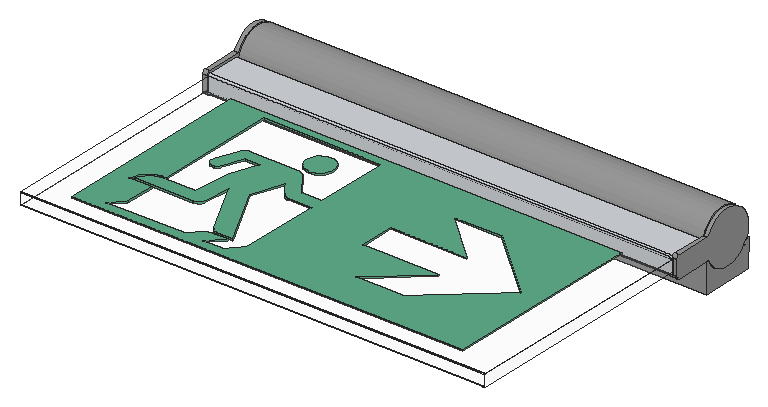
Revit family "0041747 Sylvania Lighting Fixture SylSafe Exit EX C EM3 MT MS", category Lighting Fixtures, host Face, Revit 2016
Family settings
  Host = Face
  Part Type = Normal
  Round Connector Dimension = Use Diameter
  OmniClass Number = 23.80.70.00
  OmniClass Title = Lighting
  Cut with Voids When Loaded = No
  Light Source = No
  Shared = No
  Room Calculation Point = No
Parameters (values of type "0041747 SylSafe Exit EX C EM3 MT MS Right")
  Width_SYL = 34 mm
  Weight = "0.0 kg"
  Wattage Comments = ""
  WarrantyStartDate [instance] = "n/a"
  WarrantyGuarantorParts = "n/a"
  WarrantyDurationUnit = "n/a"
  WarrantyDurationParts = "n/a"
  WarrantyDescription = "n/a"
  Voltage = 0 V
  URL = "http://www.sylvania-lighting.com"
  TypeSign_SYL = SylSafe EXIT Sign : Exit Arrow Right
  TypeName = "0041747 SylSafe Exit EX C EM3 MT MS Right"
  Type Image = <None>
  Type Comments = "n/a"
  SerialNumber [instance] = "n/a"
  RotationAngle_SYL [instance] = -90.00°
  RotatableArmThickness_SYL = 3 mm
  RadiusBody_SYL = Width_SYL / 2  # 17 mm
  Material_3_SYL = none
  PowerFactor = 0.6
  PowerConsumption = "2.2 W"
  NominalLength = 308 mm
  NominalHeight = 234 mm
  NominalDepth = 18 mm
  Name = "SylSafe Exit EX C EM3 MT MS Right"
  ModelReference = Name  # "SylSafe Exit EX C EM3 MT MS Right"
  ModelNumber = "0041747"
  Model = Name  # "SylSafe Exit EX C EM3 MT MS Right"
  Material = "n/a"
  ManufacturerName = "Feilo Sylvania"
  Manufacturer = "Feilo Sylvania"
  LuminousEfficacy = "n/a"
  LuminaireType = ""
  LightOutputRatio = "n/a"
  Length_SYL = 308 mm
  LampsType = Lamp  # "LED"
  LampNominalLuminous = "n/a"
  LampMacAdamStep = "n/a"
  LampColourTemperature = "5700 K"
  LampColourRenderingIndex = "80"
  Lamp = "LED"
  Keynote = "16500"
  InstallationDate [instance] = "n/a"
  InputVoltage = "n/a"
  InputNominalFrequency = "n/a"
  IngressProtection = "IP20"
  ImpactProtectionIndex = "IK03"
  IfcExportType = "IfcLightFixtureType"
  IfcExportAs = "IfcLightFixtureType"
  ExpectedLife = 50000
  EndAngle_SYL [instance] = RotationAngle_SYL + 180.00°  # 90.00°
  ElectricShockClassification = "Class II"
  DurationUnit = "hours"
  DocumentationLiterature = "http://www.sylvania-lighting.com/product/en-int/products/0041747"
  DimmingControlOptions = "n/a"
  Material_2_SYL = none
  Description = "SylSafe Exit EX C EM3 MT MS is a surface mounted emergency exit sign. Rotateable legend for wall / ceiling mounting applications. Comes with ISO7010 compliant legend pack. Arrows left, right, up, down and a blank sheet for single sided versions. EC legend pack is available as accessory. Viewing distance 26m. White housing colour.  Maintained 3hr emergency operation with NiMH rechargeable battery. Recharge period 24 hours. 2.2W, IK03, IP20. Power Factor 0.6. Class II electrical construction."
  Default Elevation = 1219.2 mm
  CreatedOn = "9/13/2018"
  CreatedBy = "@sylvania-lighting.com"
  Cost = 0
  built-in parameter 1114216 [instance] = (empty or 0)
  ClassificationValue = "EF_70_80"
  ClassificationName = "Uniclass2015"
  Material_1_SYL = PC/ABS Plastic
  BarCode [instance] = "n/a"
  AssetType = "Fixed"
  AssetIdentifier [instance] = "n/a"
  Assembly Code = "D5020200"
  Apparent Load = 2.2 VA
  Material_4_SYL = none
Types (4, lengths in mm): name | TypeSign_SYL | TypeName | Name | ModelReference | Model
  0041747 SylSafe Exit EX C EM3 MT MS Right | SylSafe EXIT Sign : Exit Arrow Right | "0041747 SylSafe Exit EX C EM3 MT MS Right" | "SylSafe Exit EX C EM3 MT MS Right" | "SylSafe Exit EX C EM3 MT MS Right" | "SylSafe Exit EX C EM3 MT MS Right"
  0041747 SylSafe Exit EX C EM3 MT MS Left | SylSafe EXIT Sign : Exit Arrow Left | "0041747 SylSafe Exit EX C EM3 MT MS Left" | "SylSafe Exit EX C EM3 MT MS Left" | "SylSafe Exit EX C EM3 MT MS Left" | "SylSafe Exit EX C EM3 MT MS Left"
  0041747 SylSafe Exit EX C EM3 MT MS Down | SylSafe EXIT Sign : Exit Arrow Down | "0041747 SylSafe Exit EX C EM3 MT MS Down" | "SylSafe Exit EX C EM3 MT MS Down" | "SylSafe Exit EX C EM3 MT MS Down" | "SylSafe Exit EX C EM3 MT MS Down"
  0041747 SylSafe Exit EX C EM3 MT MS Up | SylSafe EXIT Sign : Exit Arrow Up | "0041747 SylSafe Exit EX C EM3 MT MS Up" | "SylSafe Exit EX C EM3 MT MS Up" | "SylSafe Exit EX C EM3 MT MS Up" | "SylSafe Exit EX C EM3 MT MS Up"
Reference planes
  plane 1 "Center (Front/Back)": y = 0
  plane 2: z = 0
  plane 3 "Center (Left/Right)": x = 0
  plane 4: y = 17
  plane 5: y = -17
  plane 6: z = 25.937
  plane 7: x = -154
  plane 8: x = 154
  plane 9: x = -151
  plane 10: x = 151
  plane 11: z = 18.937
Forms (mm)
  Extrusion 1, solid, material "PC/ABS Plastic" <- "Material_1_SYL"
    sketch origin (0, 0, 0) x (0, 1, 0) y (0, 0, 1)
      loop
        line (-17, 0) -> (17, 0) -> (17, 25.937)
        arc (17, 25.937) -> (0, 42.937) -> (-17, 25.937) r 17
        line (-17, 25.937) -> (-17, 0)
    from -154 to 154
  Extrusion 2, void
    sketch origin (0, 0, 0) x (0, 1, 0) y (0, 0, 1)
      loop
        arc (-15.492, 18.937) -> (0, 8.937) -> (15.492, 18.937) r 17
        line (15.492, 18.937) -> (17, 18.937) -> (17, 25.937)
        arc (17, 25.937) -> (0, 42.937) -> (-17, 25.937) r 17
        line (-17, 25.937) -> (-17, 18.937) -> (-15.492, 18.937)
    from 151 to 154
  Extrusion 3, void
    sketch origin (0, 0, 0) x (0, 1, 0) y (0, 0, 1)
      loop
        arc (-15.492, 18.937) -> (0, 8.937) -> (15.492, 18.937) r 17
        line (15.492, 18.937) -> (17, 18.937) -> (17, 25.937)
        arc (17, 25.937) -> (0, 42.937) -> (-17, 25.937) r 17
        line (-17, 25.937) -> (-17, 18.937) -> (-15.492, 18.937)
    from -154 to -151
  Revolve 4, solid, not visible
    sketch origin (0, 1219.2, 25.937) x (1, 0, 0) y (0, 1, 0)
      loop
        line (0, -1219.2) -> (0, -1209.2) -> (-54.574, -1209.2) -> (-54.574, -1219.2) -> (0, -1219.2)
      axis (0, -1219.2) -> (-54.574, -1219.2)
    angle from -90 <- "RotationAngle_SYL" to 90 <- "EndAngle_SYL"
Cuts and joins
  Extrusion 2, Extrusion 3 cuts Extrusion 1
Lines and regions (mm)
  reference lines
    curve 1: circle (0, 0, 25.937) r 17 normal (1, 0, 0)
Dimensions and locks
  locked: plane 6 to plane 2 at 25.938
  equal spacing: plane 5, plane 1 "Center (Front/Back)", plane 4
  "Width_SYL": plane 5 to plane 4
  equal spacing: plane 8, plane 3 "Center (Left/Right)", plane 7
  equal spacing: plane 10, plane 3 "Center (Left/Right)", plane 9
  "Length_SYL": plane 8 to plane 7
  "RotatableArmThickness_SYL": plane 9 to plane 7
  locked: plane 11 to plane 6 at 7
  "RadiusBody_SYL": radius of curve 1
  aligned and locked: plane 2 to host face
  aligned and locked: level to host face
  aligned and locked: plane 1 "Center (Front/Back)" to curve 1
  aligned and locked: plane 6 to curve 1
  aligned and locked: Extrusion 1 sketch curve to level
  aligned and locked: Extrusion 1 sketch curve to plane 4
  aligned and locked: Extrusion 1 sketch curve to curve 1
  aligned and locked: plane 8 to Extrusion 1
  aligned and locked: Extrusion 1 to plane 7
  aligned and locked: plane 8 to Extrusion 2
  aligned and locked: Extrusion 2 to plane 10
  aligned and locked: Extrusion 3 to plane 7
  aligned and locked: plane 9 to Extrusion 3
  aligned and locked: Extrusion 3 sketch curve to curve 1
  aligned and locked: Extrusion 3 sketch curve to plane 4
  aligned and locked: Extrusion 3 sketch curve to plane 5
  aligned and locked: Extrusion 3 sketch curve to plane 11
  aligned and locked: Extrusion 2 sketch curve to curve 1
  aligned and locked: Extrusion 2 sketch curve to plane 4
  aligned and locked: Extrusion 2 sketch curve to plane 5
  aligned and locked: Extrusion 2 sketch curve to plane 11
  aligned and locked: plane 11 to Extrusion 2 sketch curve
  aligned and locked: Extrusion 2 sketch curve to cut or joined group of Extrusion 1, Extrusion 2, Extrusion 3
  aligned and locked: Revolve 4 sketch curve to plane 1 "Center (Front/Back)"
  aligned and locked: Revolve 4 sketch curve to curve 1  (x2)
  aligned and locked: nested 1 to plane 3 "Center (Left/Right)"
Automatic sketch dimensions
  host sketch curve to host sketch curve = 2438.4 mm  (x2)
  plane 6 to Extrusion 1 sketch curve = 0 mm
  plane 11 to Extrusion 3 sketch curve = 0 mm  (x2)
  Extrusion 3 sketch curve to plane 6 = 0 mm
  Extrusion 3 sketch curve to Extrusion 3 sketch curve = 0 mm
  plane 1 "Center (Front/Back)" to Revolve 4 sketch curve = 0 mm
  Revolve 4 sketch curve to plane 3 "Center (Left/Right)" = 54.574 mm
  plane 4 to Revolve 4 sketch curve = 7 mm
  Revolve 4 sketch curve to plane 7 = 1370 mm
  plane 8 to Revolve 4 sketch curve = 1370 mm
Nested families
  nested 1: "SylSafe EXIT Sign" at (0, 0, 25.937) x (-1, 0, 0) z (0, -1, 0), type <- "TypeSign_SYL", type "Exit Arrow Right"
    with built-in parameter 1114216 (empty or 0)
Definition of nested family "SylSafe EXIT Sign"
  Parameters (values of type "Exit Arrow Up")
    WidthArmSign_SYL = 34 mm
    Wattage Comments = "n/a"
    Wattage = 2.2 W
    built-in parameter 1150110 = 1 (stored number, unit not read)
    Up_SYL = yes
    URL = "http://www.sylvania-lighting.com"
    Type Image = (empty or 0)
    Type Comments = "n/a"
    built-in parameter 1114217 = 1 (stored number, unit not read)
    ThicknessLabel_SYL = 0.8 mm
    ThicknessArmSign_SYL = 3 mm
    built-in parameter 1150109 = 1 (stored number, unit not read)
    built-in parameter 1150134 = 5
    built-in parameter 1150113 = 1 (stored number, unit not read)
    Right_SYL = no
    RadiusArmSign_SYL = WidthArmSign_SYL / 2  # 17 mm
    Material_3_SYL = none
    Model = ""
    Manufacturer = "Feilo Sylvania"
    built-in parameter 1150105 = 70.028 (stored number, unit not read)
    Lumens = 220 lm
    built-in parameter 1150115 = 1 (stored number, unit not read)
    Light Source Symbol Size = 100 mm
    built-in parameter 1150137 = (empty or 0)
    built-in parameter 1150139 = (empty or 0)
    LengthSign_SYL = 308 mm
    Left_SYL = no
    built-in parameter 1150112 = 1 (stored number, unit not read)
    built-in parameter 1150114 = 1 (stored number, unit not read)
    Lamp = "LED"
    Keynote = "16500"
    Material_2_SYL = none
    built-in parameter 1150132 = (empty or 0)
    built-in parameter 1150102 = (empty or 0)
    built-in parameter 1150107 = 6000 (stored number, unit not read)
    built-in parameter 1150138 = (empty or 0)
    built-in parameter 1150106 = 0.70028 (stored number, unit not read)
    Emit from Line Length = LengthSign_SYL - 2 * ThicknessArmSign_SYL  # 302 mm
    built-in parameter 1150104 = 9.2903 (stored number, unit not read)
    Down_SYL = no
    Dimming Lamp Color Temperature Shift = (empty or 0)
    Description = ""
    Default Elevation = 1219.2 mm
    Cost = 0
    Color Filter = 16777215
    built-in parameter 1114216 [instance] = (empty or 0)
    Material_1_SYL = none
    built-in parameter 1114218 = 1 (stored number, unit not read)
    built-in parameter 1150133 = 10 (stored number, unit not read)
    Assembly Code = "D5020200"
    Apparent Load = 2.2 VA
    Material_4_SYL = none
  Types (4, lengths in mm): name | Up_SYL | Right_SYL | Left_SYL | Down_SYL | Apparent Load
    Exit Arrow Right | no | yes | no | no | 2.2 VA
    Exit Arrow Left | no | no | yes | no | 2.2 VA
    Exit Arrow Up | yes | no | no | no | 2.2 VA
    Exit Arrow Down | no | no | no | yes | 0 VA
  Reference planes
    plane 1 "Center (Front/Back)": y = 0
    plane 2: z = 0
    plane 3 "Center (Left/Right)": x = 0
    plane 4: x = 154
    plane 5: x = -154
    plane 6: x = -151
    plane 7: x = 151
    plane 8: y = 17
    plane 9: y = -17
    plane 10: y = -7
    plane 11: y = 7
    plane 12: z = 40.75
    plane 13: z = 192.937
    plane 14: y = 4
    plane 15: y = -4
    plane 16: z = 17.812
    plane 17: y = -6
    plane 18: y = 6
    plane 19: x = -127
    plane 20: x = 127
    plane 21: z = 116.844
    plane 22: z = 181.344
    plane 23: z = 52.344
    plane 24: x = 69
    plane 25: y = -4.8
  Forms (mm)
    Extrusion 1, solid
      sketch origin (4.2, 0, 0) x (1, 0, 0) y (0, 1, 0)
        loop
          line (-1219.2, 1219.2) -> (-1219.2, -1219.2) -> (1219.2, -1219.2) -> (1219.2, 1219.2) -> (-1219.2, 1219.2)
      from 0 to -68.017
    Extrusion 2, solid, material <- "Material_1_SYL"
      sketch origin (0, 0, 0) x (0, 1, 0) y (0, 0, 1)
        loop
          arc (-7, 15.492) -> (0, -17) -> (7, 15.492) r 17
          line (7, 15.492) -> (7, 38.75)
          arc (7, 38.75) -> (6.414, 40.164) -> (5, 40.75) r 2
          line (5, 40.75) -> (-5, 40.75)
          arc (-5, 40.75) -> (-6.414, 40.164) -> (-7, 38.75) r 2
          line (-7, 38.75) -> (-7, 15.492)
      from 151 to 154
    Extrusion 3, solid, material <- "Material_1_SYL"
      sketch origin (0, 0, 0) x (0, 1, 0) y (0, 0, 1)
        loop
          line (7, 15.492) -> (7, 38.75)
          arc (7, 38.75) -> (6.414, 40.164) -> (5, 40.75) r 2
          line (5, 40.75) -> (-5, 40.75)
          arc (-5, 40.75) -> (-6.414, 40.164) -> (-7, 38.75) r 2
          line (-7, 38.75) -> (-7, 15.492)
          arc (-7, 15.492) -> (0, -17) -> (7, 15.492) r 17
      from -154 to -151
    Extrusion 4, solid
      sketch origin (0, 0, 0) x (0, 1, 0) y (0, 0, 1)
        loop
          arc (-5, 40.75) -> (-5.707, 40.457) -> (-6, 39.75) r 1
          line (-6, 39.75) -> (-6, 17.812) -> (6, 17.812) -> (6, 39.75)
          arc (6, 39.75) -> (5.707, 40.457) -> (5, 40.75) r 1
          line (5, 40.75) -> (-5, 40.75)
      from -151 to 151
    Extrusion 5, solid, material <- "Material_3_SYL"
      sketch origin (0, 0, 0) x (0, 1, 0) y (0, 0, 1)
        loop
          line (-4, 40.75) -> (4, 40.75) -> (4, 192.437)
          arc (4, 192.437) -> (3.854, 192.791) -> (3.5, 192.937) r 0.5
          line (3.5, 192.937) -> (-3.5, 192.937)
          arc (-3.5, 192.937) -> (-3.854, 192.791) -> (-4, 192.437) r 0.5
          line (-4, 192.437) -> (-4, 40.75)
      from -151 to 151
    Extrusion 6, solid, material <- "Material_2_SYL", visible <- "Left_SYL"
      sketch origin (351.989, -4, 160.163) x (0, 0, -1) y (1, 0, 0)
        loop
          circle (83.224, -400.985) r 8.928
        loop
          line (103.064, -376.624) -> (54.298, -376.624) -> (54.298, -389.842) -> (68.839, -400.8)
          arc (68.839, -400.8) -> (70.752, -403.1) -> (71.438, -406.013) r 6.527
          line (71.438, -406.013) -> (71.438, -437.202)
          arc (71.438, -437.202) -> (70.533, -440.07) -> (68.148, -441.9) r 5
          line (68.148, -441.9) -> (54.122, -447.006)
          arc (54.122, -447.006) -> (48.704, -444.479) -> (51.23, -439.062) r 4.227
          line (51.23, -439.062) -> (63.917, -434.444) -> (63.917, -424.745) -> (45.498, -431.449) -> (22.611, -433.451) -> (22.611, -453.451)
          arc (22.611, -453.451) -> (20.093, -461.05) -> (13.536, -465.642) r 12.726
          line (13.536, -465.642) -> (13.536, -427.917)
          arc (13.536, -427.917) -> (14.85, -424.539) -> (18.101, -422.936) r 5
          line (18.101, -422.936) -> (34.389, -421.511) -> (-1.786, -402.276)
          arc (-1.786, -402.276) -> (-3.724, -400.437) -> (-4.439, -397.862) r 5
          line (-4.439, -397.862) -> (-4.439, -387.433) -> (36.957, -409.444) -> (56.364, -402.38) -> (48.001, -396.079)
          arc (48.001, -396.079) -> (46.372, -394.119) -> (45.788, -391.639) r 5.559
          line (45.788, -391.639) -> (45.788, -376.624) -> (-6.717, -376.624) -> (-15.183, -385.09) -> (-15.183, -398.574) -> (-6.18, -389.57) -> (-6.18, -399.078)
          arc (-6.18, -399.078) -> (-6.609, -401.235) -> (-7.83, -403.063) r 5.636
          line (-7.83, -403.063) -> (-15.183, -410.416) -> (-15.183, -461.609) -> (-7.025, -453.451) -> (11.73, -453.451) -> (11.73, -468.109)
          arc (11.73, -468.109) -> (20.743, -463.076) -> (24.473, -453.451) r 15.223
          line (24.473, -453.451) -> (103.064, -453.451) -> (103.064, -376.624)
        loop
          line (107.819, -224.989) -> (-21.181, -224.989) -> (-21.181, -478.989) -> (107.819, -478.989) -> (107.819, -224.989)
        loop
          line (54.815, -332.184) -> (54.815, -282.989) -> (82.944, -314.229) -> (82.944, -282.989) -> (43.319, -238.982) -> (3.695, -282.989) -> (3.695, -314.229) -> (31.823, -282.989) -> (31.823, -332.184) -> (54.815, -332.184)
      from 0 to 0.8
    Extrusion 7, solid, material <- "Material_2_SYL", visible <- "Up_SYL"
      sketch origin (0, -4, -609.6) x (0, 0, -1) y (1, 0, 0)
        loop
          line (-784.946, -33.101) -> (-784.946, -46.585) -> (-775.943, -37.581) -> (-775.943, -47.089)
          arc (-775.943, -47.089) -> (-776.372, -49.246) -> (-777.593, -51.074) r 5.636
          line (-777.593, -51.074) -> (-784.946, -58.427) -> (-784.946, -109.62) -> (-776.788, -101.462) -> (-758.032, -101.462) -> (-758.032, -116.12)
          arc (-758.032, -116.12) -> (-749.02, -111.087) -> (-745.29, -101.462) r 15.223
          line (-745.29, -101.462) -> (-666.699, -101.462) -> (-666.699, -24.635) -> (-715.465, -24.635) -> (-715.465, -37.853) -> (-700.924, -48.811)
          arc (-700.924, -48.811) -> (-699.011, -51.111) -> (-698.325, -54.024) r 6.527
          line (-698.325, -54.024) -> (-698.325, -85.213)
          arc (-698.325, -85.213) -> (-699.23, -88.081) -> (-701.615, -89.912) r 5
          line (-701.615, -89.912) -> (-715.641, -95.017)
          arc (-715.641, -95.017) -> (-721.059, -92.49) -> (-718.533, -87.073) r 4.227
          line (-718.533, -87.073) -> (-705.846, -82.455) -> (-705.846, -72.756) -> (-724.265, -79.46) -> (-747.152, -81.462) -> (-747.152, -101.462)
          arc (-747.152, -101.462) -> (-749.67, -109.061) -> (-756.227, -113.653) r 12.726
          line (-756.227, -113.653) -> (-756.227, -75.928)
          arc (-756.227, -75.928) -> (-754.913, -72.55) -> (-751.662, -70.947) r 5
          line (-751.662, -70.947) -> (-735.374, -69.522) -> (-771.549, -50.287)
          arc (-771.549, -50.287) -> (-773.487, -48.448) -> (-774.202, -45.873) r 5
          line (-774.202, -45.873) -> (-774.202, -35.444) -> (-732.806, -57.455) -> (-713.399, -50.391) -> (-721.762, -44.09)
          arc (-721.762, -44.09) -> (-723.391, -42.13) -> (-723.975, -39.65) r 5.559
          line (-723.975, -39.65) -> (-723.975, -24.635) -> (-776.48, -24.635) -> (-784.946, -33.101)
        loop
          circle (-686.539, -48.996) r 8.928
        loop
          line (-723.85, 77.902) -> (-773.045, 77.902) -> (-773.045, 54.91) -> (-723.85, 54.91) -> (-755.09, 26.782) -> (-723.85, 26.782) -> (-679.843, 66.406) -> (-723.85, 106.031) -> (-755.09, 106.031) -> (-723.85, 77.902)
        loop
          line (-790.944, -127) -> (-661.944, -127) -> (-661.944, 127) -> (-790.944, 127) -> (-790.944, -127)
      from 0 to 0.8
    Extrusion 8, solid, material <- "Material_2_SYL", visible <- "Down_SYL"
      sketch origin (0, -4, -609.6) x (0, 0, -1) y (1, 0, 0)
        loop
          line (-715.465, -37.853) -> (-700.924, -48.811)
          arc (-700.924, -48.811) -> (-699.011, -51.111) -> (-698.325, -54.024) r 6.527
          line (-698.325, -54.024) -> (-698.325, -85.213)
          arc (-698.325, -85.213) -> (-699.23, -88.081) -> (-701.615, -89.912) r 5
          line (-701.615, -89.912) -> (-715.641, -95.017)
          arc (-715.641, -95.017) -> (-721.059, -92.49) -> (-718.533, -87.073) r 4.227
          line (-718.533, -87.073) -> (-705.846, -82.455) -> (-705.846, -72.756) -> (-724.265, -79.46) -> (-747.152, -81.462) -> (-747.152, -101.462)
          arc (-747.152, -101.462) -> (-749.67, -109.061) -> (-756.227, -113.653) r 12.726
          line (-756.227, -113.653) -> (-756.227, -75.928)
          arc (-756.227, -75.928) -> (-754.913, -72.55) -> (-751.662, -70.947) r 5
          line (-751.662, -70.947) -> (-735.374, -69.522) -> (-771.549, -50.287)
          arc (-771.549, -50.287) -> (-773.487, -48.448) -> (-774.202, -45.873) r 5
          line (-774.202, -45.873) -> (-774.202, -35.444) -> (-732.806, -57.455) -> (-713.399, -50.391) -> (-721.762, -44.09)
          arc (-721.762, -44.09) -> (-723.391, -42.13) -> (-723.975, -39.65) r 5.559
          line (-723.975, -39.65) -> (-723.975, -24.635) -> (-776.48, -24.635) -> (-784.946, -33.101) -> (-784.946, -46.585) -> (-775.943, -37.581) -> (-775.943, -47.089)
          arc (-775.943, -47.089) -> (-776.372, -49.246) -> (-777.593, -51.074) r 5.636
          line (-777.593, -51.074) -> (-784.946, -58.427) -> (-784.946, -109.62) -> (-776.788, -101.462) -> (-758.032, -101.462) -> (-758.032, -116.12)
          arc (-758.032, -116.12) -> (-749.02, -111.087) -> (-745.29, -101.462) r 15.223
          line (-745.29, -101.462) -> (-666.699, -101.462) -> (-666.699, -24.635) -> (-715.465, -24.635) -> (-715.465, -37.853)
        loop
          circle (-686.539, -48.996) r 8.928
        loop
          line (-790.944, -127) -> (-661.944, -127) -> (-661.944, 127) -> (-790.944, 127) -> (-790.944, -127)
        loop
          line (-679.843, 54.91) -> (-679.843, 77.902) -> (-729.038, 77.902) -> (-697.798, 106.031) -> (-729.038, 106.031) -> (-773.045, 66.406) -> (-729.038, 26.782) -> (-697.798, 26.782) -> (-729.038, 54.91) -> (-679.843, 54.91)
      from 0 to 0.8
    Extrusion 9, solid, material <- "Material_2_SYL", visible <- "Right_SYL"
      sketch origin (0, -4, -609.6) x (0, 0, -1) y (1, 0, 0)
        loop
          line (-732.806, 57.455) -> (-774.202, 35.444) -> (-774.202, 45.873)
          arc (-774.202, 45.873) -> (-773.487, 48.448) -> (-771.549, 50.287) r 5
          line (-771.549, 50.287) -> (-735.374, 69.522) -> (-751.662, 70.947)
          arc (-751.662, 70.947) -> (-754.913, 72.55) -> (-756.227, 75.928) r 5
          line (-756.227, 75.928) -> (-756.227, 113.653)
          arc (-756.227, 113.653) -> (-749.67, 109.061) -> (-747.152, 101.462) r 12.726
          line (-747.152, 101.462) -> (-747.152, 81.462) -> (-724.265, 79.46) -> (-705.846, 72.756) -> (-705.846, 82.455) -> (-718.533, 87.073)
          arc (-718.533, 87.073) -> (-721.059, 92.49) -> (-715.641, 95.017) r 4.227
          line (-715.641, 95.017) -> (-701.615, 89.912)
          arc (-701.615, 89.912) -> (-699.23, 88.081) -> (-698.325, 85.213) r 5
          line (-698.325, 85.213) -> (-698.325, 54.024)
          arc (-698.325, 54.024) -> (-699.011, 51.111) -> (-700.924, 48.811) r 6.527
          line (-700.924, 48.811) -> (-715.465, 37.853) -> (-715.465, 24.635) -> (-666.699, 24.635) -> (-666.699, 101.462) -> (-745.29, 101.462)
          arc (-745.29, 101.462) -> (-749.02, 111.087) -> (-758.032, 116.12) r 15.223
          line (-758.032, 116.12) -> (-758.032, 101.462) -> (-776.788, 101.462) -> (-784.946, 109.62) -> (-784.946, 58.427) -> (-777.593, 51.074)
          arc (-777.593, 51.074) -> (-776.372, 49.246) -> (-775.943, 47.089) r 5.636
          line (-775.943, 47.089) -> (-775.943, 37.581) -> (-784.946, 46.585) -> (-784.946, 33.101) -> (-776.48, 24.635) -> (-723.975, 24.635) -> (-723.975, 39.65)
          arc (-723.975, 39.65) -> (-723.391, 42.13) -> (-721.762, 44.09) r 5.559
          line (-721.762, 44.09) -> (-713.399, 50.391) -> (-732.806, 57.455)
        loop
          circle (-686.539, 48.996) r 8.928
        loop
          line (-766.068, -37.76) -> (-766.068, -69) -> (-726.444, -113.007) -> (-686.819, -69) -> (-686.819, -37.76) -> (-714.948, -69) -> (-714.948, -19.805) -> (-737.94, -19.805) -> (-737.94, -69) -> (-766.068, -37.76)
        loop
          line (-790.944, -127) -> (-661.944, -127) -> (-661.944, 127) -> (-790.944, 127) -> (-790.944, -127)
      from 0 to 0.8
  Lines and regions (mm)
    reference lines
      curve 1: circle (0, 0, 0) r 17 normal (1, 0, 0)
  Dimensions and locks
    equal spacing: plane 4, plane 3 "Center (Left/Right)", plane 5
    "LengthSign_SYL": plane 4 to plane 5
    equal spacing: plane 7, plane 3 "Center (Left/Right)", plane 6
    "ThicknessArmSign_SYL": plane 6 to plane 5
    equal spacing: plane 9, plane 1 "Center (Front/Back)", plane 8
    "WidthArmSign_SYL": plane 9 to plane 8
    equal spacing: plane 10, plane 1 "Center (Front/Back)", plane 11
    locked: plane 10 to plane 11 at 14
    equal spacing: plane 15, plane 1 "Center (Front/Back)", plane 14
    locked: plane 15 to plane 14 at 8
    locked: plane 12 to plane 2 at 40.75
    locked: plane 16 to plane 12 at 22.937
    equal spacing: plane 17, plane 1 "Center (Front/Back)", plane 18
    locked: plane 10 to plane 17 at 1
    equal spacing: plane 13, plane 21, plane 12
    equal spacing: plane 20, plane 3 "Center (Left/Right)", plane 19
    locked: plane 20 to plane 19 at 254
    equal spacing: plane 22, plane 21, plane 23
    locked: plane 22 to plane 23 at 129
    locked: plane 20 to plane 24 at 58
    "ThicknessLabel_SYL": plane 25 to plane 15
    "RadiusArmSign_SYL": radius of curve 1
    aligned and locked: plane 2 to Extrusion 1
    aligned and locked: level to Extrusion 1
    aligned and locked: plane 1 "Center (Front/Back)" to curve 1
    aligned and locked: plane 2 to curve 1
    aligned and locked: Extrusion 2 sketch curve to curve 1
    aligned and locked: Extrusion 2 sketch curve to plane 11
    aligned and locked: Extrusion 2 sketch curve to plane 10
    aligned and locked: Extrusion 2 sketch curve to plane 12
    aligned and locked: plane 4 to Extrusion 2
    aligned and locked: Extrusion 2 to plane 7
    aligned and locked: Extrusion 3 sketch curve to Extrusion 2  (x4)
    aligned and locked: Extrusion 3 to plane 5
    aligned and locked: plane 6 to Extrusion 3
    aligned and locked: plane 12 to Extrusion 4 sketch curve
    aligned and locked: Extrusion 4 sketch curve to plane 17
    aligned and locked: Extrusion 4 sketch curve to plane 16
    aligned and locked: plane 18 to Extrusion 4 sketch curve
    aligned and locked: plane 7 to Extrusion 4
    aligned and locked: Extrusion 4 to plane 6
    aligned and locked: plane 12 to Extrusion 5 sketch curve
    aligned and locked: plane 15 to Extrusion 5 sketch curve
    aligned and locked: Extrusion 5 sketch curve to plane 13
    aligned and locked: Extrusion 5 sketch curve to plane 14
    aligned and locked: plane 7 to Extrusion 5
    aligned and locked: Extrusion 5 to plane 6
    aligned and locked: Extrusion 6 to plane 22
    aligned and locked: Extrusion 6 to plane 19
    aligned and locked: plane 20 to Extrusion 6
    aligned and locked: plane 23 to Extrusion 6
    aligned and locked: plane 24 to Extrusion 6 sketch curve
    aligned and locked: plane 21 to Extrusion 6 sketch curve
    aligned and locked: Extrusion 7 sketch curve to Extrusion 6  (x13)
    aligned and locked: Extrusion 6 to Extrusion 7
    aligned and locked: Extrusion 7 to plane 15
    aligned and locked: plane 19 to Extrusion 7 sketch curve
    aligned and locked: plane 22 to Extrusion 7 sketch curve
    aligned and locked: Extrusion 7 sketch curve to plane 23
    aligned and locked: Extrusion 7 sketch curve to plane 20
    aligned and locked: plane 25 to Extrusion 7
    aligned and locked: Extrusion 7 to Extrusion 5
    aligned and locked: Extrusion 8 sketch curve to Extrusion 7  (x37)
    aligned and locked: Extrusion 8 to plane 15
    aligned and locked: plane 25 to Extrusion 8
    aligned and locked: Extrusion 9 sketch curve to Extrusion 6  (x4)
    aligned and locked: Extrusion 9 to plane 15
    aligned and locked: Extrusion 9 to Extrusion 5
    aligned and locked: plane 25 to Extrusion 9
    aligned and locked: plane 12 to imposter light
    aligned and locked: plane 3 "Center (Left/Right)" to imposter light
    aligned and locked: plane 1 "Center (Front/Back)" to imposter light
  Automatic sketch dimensions
    Extrusion 1 sketch curve to Extrusion 1 sketch curve = 2438.4 mm  (x2)
    plane 15 to Extrusion 2 sketch curve = 1 mm
    Extrusion 2 sketch curve to plane 14 = 1 mm
    plane 12 to Extrusion 4 sketch curve = 1 mm
    Extrusion 4 sketch curve to plane 14 = 1 mm
    Extrusion 5 sketch curve to Extrusion 5 sketch curve = 0.5 mm  (x2)
    Extrusion 5 to Extrusion 6 sketch curve = 69.231 mm
    Extrusion 6 sketch curve to Extrusion 6 sketch curve = 2.568 mm
    Extrusion 6 sketch curve to Extrusion 6 sketch curve = 11.496 mm
    Extrusion 6 sketch curve to Extrusion 6 sketch curve = 9.916 mm
    Extrusion 6 sketch curve to Extrusion 6 sketch curve = 1.862 mm
    Extrusion 6 sketch curve to Extrusion 6 sketch curve = 4.075 mm
    Extrusion 6 sketch curve to Extrusion 6 sketch curve = 0.436 mm
    Extrusion 6 sketch curve to Extrusion 6 sketch curve = 9.075 mm
    Extrusion 6 sketch curve to Extrusion 6 sketch curve = 10.88 mm
    Extrusion 6 sketch curve to Extrusion 6 sketch curve = 1.845 mm
    Extrusion 6 sketch curve to Extrusion 6 sketch curve = 0.631 mm
    Extrusion 6 sketch curve to Extrusion 6 sketch curve = 28.129 mm  (x2)
    Extrusion 6 sketch curve to Extrusion 6 sketch curve = 17.539 mm
    Extrusion 6 sketch curve to Extrusion 6 sketch curve = 2.347 mm
    Extrusion 6 sketch curve to Extrusion 6 sketch curve = 5 mm  (x2)
    Extrusion 6 sketch curve to Extrusion 6 sketch curve = 1.741 mm
    Extrusion 6 sketch curve to Extrusion 6 sketch curve = 2.278 mm
    Extrusion 6 sketch curve to Extrusion 6 sketch curve = 16.279 mm
    Extrusion 6 sketch curve to Extrusion 6 sketch curve = 1.651 mm
    Extrusion 6 sketch curve to Extrusion 6 sketch curve = 3.985 mm
    Extrusion 6 sketch curve to Extrusion 6 sketch curve = 8.158 mm  (x2)
    Extrusion 6 sketch curve to Extrusion 6 sketch curve = 3.367 mm
    Extrusion 5 to Extrusion 6 sketch curve = 11.094 mm
    Extrusion 6 sketch curve to Extrusion 6 sketch curve = 11.109 mm
    Extrusion 6 sketch curve to Extrusion 6 sketch curve = 8.831 mm
    Extrusion 6 sketch curve to Extrusion 6 sketch curve = 2.214 mm
    Extrusion 6 sketch curve to Extrusion 6 sketch curve = 5.733 mm
    Extrusion 6 sketch curve to Extrusion 6 sketch curve = 3.346 mm
    Extrusion 6 sketch curve to Extrusion 6 sketch curve = 1.446 mm  (x2)
    Extrusion 6 sketch curve to Extrusion 6 sketch curve = 2.95 mm
    Extrusion 6 sketch curve to Extrusion 6 sketch curve = 22.992 mm
    Extrusion 6 sketch curve to Extrusion 6 sketch curve = 8.362 mm
    Extrusion 6 sketch curve to Extrusion 6 sketch curve = 12.686 mm
    Extrusion 6 sketch curve to Extrusion 6 sketch curve = 8.547 mm
    Extrusion 6 sketch curve to Extrusion 6 sketch curve = 2.521 mm
    Extrusion 6 sketch curve to Extrusion 6 sketch curve = 1.71 mm
    Extrusion 6 sketch curve to Extrusion 6 sketch curve = 3.928 mm
    Extrusion 6 sketch curve to Extrusion 6 sketch curve = 11.787 mm
    Extrusion 6 sketch curve to Extrusion 5 = 16.349 mm
    Extrusion 6 sketch curve to Extrusion 5 = 11.594 mm
    Extrusion 6 sketch curve to Extrusion 6 sketch curve = 0 mm  (x5)
    Extrusion 6 sketch curve to Extrusion 6 sketch curve = 31.24 mm  (x2)
    Extrusion 6 sketch curve to Extrusion 6 sketch curve = 62.395 mm
    Extrusion 6 sketch curve to Extrusion 6 sketch curve = 8.466 mm
    Extrusion 6 sketch curve to Extrusion 6 sketch curve = 2.343 mm
    Extrusion 6 sketch curve to Extrusion 6 sketch curve = 2.137 mm
    Extrusion 6 sketch curve to Extrusion 6 sketch curve = 13.219 mm
    Extrusion 6 sketch curve to Extrusion 6 sketch curve = 1.796 mm
    Extrusion 6 sketch curve to Extrusion 6 sketch curve = 8.291 mm
    Extrusion 6 sketch curve to Extrusion 6 sketch curve = 0.712 mm
    Extrusion 6 sketch curve to Extrusion 6 sketch curve = 1.216 mm
    Extrusion 6 sketch curve to Extrusion 6 sketch curve = 10.957 mm
    Extrusion 6 sketch curve to Extrusion 6 sketch curve = 5.027 mm
    Extrusion 6 sketch curve to Extrusion 6 sketch curve = 3.633 mm
    Extrusion 6 sketch curve to Extrusion 6 sketch curve = 13.365 mm
    Extrusion 6 sketch curve to Extrusion 6 sketch curve = 7.353 mm
    Extrusion 6 sketch curve to Extrusion 6 sketch curve = 12.067 mm
    Extrusion 6 sketch curve to Extrusion 6 sketch curve = 1.425 mm
    Extrusion 6 sketch curve to Extrusion 6 sketch curve = 18.732 mm
    Extrusion 6 sketch curve to Extrusion 6 sketch curve = 9.938 mm
    Extrusion 6 sketch curve to Extrusion 6 sketch curve = 5.534 mm
    Extrusion 6 sketch curve to Extrusion 6 sketch curve = 9.699 mm
    Extrusion 6 sketch curve to Extrusion 6 sketch curve = 2.758 mm
    Extrusion 6 sketch curve to Extrusion 6 sketch curve = 7.613 mm
    Extrusion 6 sketch curve to Extrusion 6 sketch curve = 3.972 mm
    Extrusion 6 sketch curve to Extrusion 6 sketch curve = 19.638 mm
    Extrusion 6 sketch curve to Extrusion 6 sketch curve = 0.362 mm
    Extrusion 6 sketch curve to Extrusion 6 sketch curve = 16.249 mm
    Extrusion 5 to Extrusion 6 sketch curve = 24 mm  (x2)
    Extrusion 5 to Extrusion 6 sketch curve = 37.993 mm
    Extrusion 6 sketch curve to Extrusion 6 sketch curve = 17.955 mm
    Extrusion 7 sketch curve to Extrusion 7 sketch curve = 1.651 mm
    Extrusion 7 sketch curve to Extrusion 7 sketch curve = 8.158 mm
    Extrusion 7 sketch curve to Extrusion 7 sketch curve = 2.278 mm
    plane 24 to Extrusion 7 sketch curve = 8.902 mm
    plane 22 to Extrusion 7 sketch curve = 17.899 mm
    Extrusion 7 sketch curve to Extrusion 7 sketch curve = 2.347 mm
    Extrusion 7 sketch curve to Extrusion 7 sketch curve = 4.283 mm
    Extrusion 7 sketch curve to Extrusion 7 sketch curve = 0.631 mm
    Extrusion 7 sketch curve to Extrusion 7 sketch curve = 1.845 mm
    Extrusion 7 sketch curve to plane 21 = 28.646 mm  (x2)
    Extrusion 7 sketch curve to Extrusion 7 sketch curve = 4.564 mm
    Extrusion 7 sketch curve to Extrusion 7 sketch curve = 0.436 mm
    Extrusion 7 sketch curve to Extrusion 7 sketch curve = 10.88 mm
    Extrusion 7 sketch curve to Extrusion 7 sketch curve = 1.862 mm
    Extrusion 7 sketch curve to plane 21 = 8.93 mm
    Extrusion 7 sketch curve to plane 21 = 6.362 mm
    plane 21 to Extrusion 7 sketch curve = 2.179 mm
    plane 21 to Extrusion 7 sketch curve = 2.469 mm
    plane 21 to Extrusion 7 sketch curve = 2.594 mm  (x4)
    plane 21 to Extrusion 7 sketch curve = 4.682 mm
    plane 21 to Extrusion 7 sketch curve = 7.911 mm
    Extrusion 7 sketch curve to Extrusion 7 sketch curve = 5.559 mm
    Extrusion 7 sketch curve to Extrusion 7 sketch curve = 1.446 mm  (x2)
    Extrusion 7 sketch curve to Extrusion 7 sketch curve = 8.51 mm
    Extrusion 7 sketch curve to Extrusion 7 sketch curve = 8.362 mm
    Extrusion 7 sketch curve to Extrusion 7 sketch curve = 12.686 mm
    Extrusion 7 sketch curve to Extrusion 7 sketch curve = 8.547 mm
    Extrusion 7 sketch curve to Extrusion 7 sketch curve = 2.521 mm
    Extrusion 7 sketch curve to Extrusion 7 sketch curve = 1.71 mm
    Extrusion 7 sketch curve to Extrusion 7 sketch curve = 5.458 mm
    Extrusion 7 sketch curve to Extrusion 7 sketch curve = 2.859 mm
    Extrusion 7 sketch curve to plane 24 = 2.594 mm
    Extrusion 7 sketch curve to plane 23 = 17.899 mm
    Extrusion 7 sketch curve to plane 23 = 4.755 mm
    plane 19 to Extrusion 7 sketch curve = 10.88 mm
    Extrusion 7 sketch curve to Extrusion 7 sketch curve = 2.467 mm
    Extrusion 7 sketch curve to Extrusion 7 sketch curve = 0 mm  (x2)
    Extrusion 7 sketch curve to Extrusion 7 sketch curve = 6.446 mm
    Extrusion 7 sketch curve to Extrusion 7 sketch curve = 3.972 mm
    Extrusion 7 sketch curve to Extrusion 7 sketch curve = 5.105 mm
    Extrusion 7 sketch curve to Extrusion 7 sketch curve = 2.758 mm
    Extrusion 7 sketch curve to Extrusion 7 sketch curve = 11.94 mm
    Extrusion 7 sketch curve to Extrusion 7 sketch curve = 7.613 mm
    Extrusion 7 sketch curve to Extrusion 7 sketch curve = 5.534 mm
    Extrusion 7 sketch curve to Extrusion 7 sketch curve = 9.699 mm
    Extrusion 7 sketch curve to Extrusion 7 sketch curve = 12.067 mm
    Extrusion 7 sketch curve to Extrusion 7 sketch curve = 5.027 mm
    Extrusion 7 sketch curve to Extrusion 7 sketch curve = 3.633 mm
    Extrusion 7 sketch curve to Extrusion 7 sketch curve = 6.301 mm
    Extrusion 7 sketch curve to Extrusion 7 sketch curve = 1.796 mm
    Extrusion 7 sketch curve to Extrusion 7 sketch curve = 2.137 mm
    plane 3 "Center (Left/Right)" to Extrusion 7 sketch curve = 26.782 mm
    Extrusion 7 sketch curve to plane 24 = 14.09 mm
    Extrusion 7 sketch curve to plane 20 = 20.969 mm
    Extrusion 8 sketch curve to Extrusion 8 sketch curve = 1.651 mm
    Extrusion 8 sketch curve to plane 24 = 2.594 mm
    plane 22 to Extrusion 8 sketch curve = 17.899 mm
    Extrusion 8 sketch curve to Extrusion 8 sketch curve = 2.347 mm
    Extrusion 8 sketch curve to Extrusion 8 sketch curve = 0.436 mm
    Extrusion 8 sketch curve to plane 21 = 8.93 mm
    Extrusion 8 sketch curve to plane 21 = 2.594 mm  (x4)
    plane 21 to Extrusion 8 sketch curve = 4.682 mm
    Extrusion 8 sketch curve to Extrusion 8 sketch curve = 1.446 mm  (x2)
    Extrusion 8 sketch curve to Extrusion 8 sketch curve = 8.547 mm
    Extrusion 8 sketch curve to Extrusion 8 sketch curve = 1.71 mm
    Extrusion 8 sketch curve to Extrusion 8 sketch curve = 5.458 mm
    plane 21 to Extrusion 8 sketch curve = 28.646 mm  (x2)
    Extrusion 8 sketch curve to plane 23 = 17.899 mm
    Extrusion 8 sketch curve to Extrusion 8 sketch curve = 1.796 mm
    plane 3 "Center (Left/Right)" to Extrusion 8 sketch curve = 26.782 mm
    Extrusion 8 sketch curve to plane 24 = 14.09 mm
    plane 24 to Extrusion 8 sketch curve = 8.902 mm
    Extrusion 8 sketch curve to plane 20 = 20.969 mm
    Extrusion 9 sketch curve to plane 21 = 0 mm
    plane 22 to Extrusion 9 sketch curve = 5.998 mm  (x2)
    Extrusion 9 sketch curve to Extrusion 9 sketch curve = 3.367 mm
    Extrusion 9 sketch curve to Extrusion 9 sketch curve = 3.985 mm
    Extrusion 9 sketch curve to Extrusion 9 sketch curve = 8.158 mm  (x2)
    Extrusion 9 sketch curve to Extrusion 9 sketch curve = 8.466 mm  (x2)
    Extrusion 9 sketch curve to Extrusion 9 sketch curve = 9.003 mm
    Extrusion 9 sketch curve to Extrusion 9 sketch curve = 1.741 mm
    Extrusion 9 sketch curve to Extrusion 9 sketch curve = 2.653 mm
    Extrusion 9 sketch curve to Extrusion 9 sketch curve = 2.347 mm
    plane 22 to Extrusion 9 sketch curve = 24.876 mm
    Extrusion 9 sketch curve to Extrusion 9 sketch curve = 16.279 mm
    Extrusion 9 sketch curve to Extrusion 9 sketch curve = 0.631 mm
    Extrusion 9 sketch curve to Extrusion 9 sketch curve = 1.845 mm
    plane 24 to Extrusion 9 sketch curve = 6.928 mm
    Extrusion 9 sketch curve to Extrusion 9 sketch curve = 4.283 mm
    plane 24 to Extrusion 9 sketch curve = 1.947 mm
    Extrusion 9 sketch curve to Extrusion 9 sketch curve = 4.564 mm
    Extrusion 9 sketch curve to Extrusion 9 sketch curve = 10.88 mm
    Extrusion 9 sketch curve to Extrusion 9 sketch curve = 1.862 mm
    Extrusion 9 sketch curve to plane 21 = 11.496 mm
    plane 24 to Extrusion 9 sketch curve = 0.522 mm
    Extrusion 9 sketch curve to plane 21 = 8.93 mm
    Extrusion 9 sketch curve to plane 21 = 6.362 mm
    plane 21 to Extrusion 9 sketch curve = 2.179 mm
    plane 21 to Extrusion 9 sketch curve = 2.469 mm
    plane 21 to Extrusion 9 sketch curve = 4.682 mm
    plane 21 to Extrusion 9 sketch curve = 7.911 mm
    Extrusion 9 sketch curve to Extrusion 9 sketch curve = 5.559 mm
    Extrusion 9 sketch curve to Extrusion 9 sketch curve = 1.446 mm  (x2)
    Extrusion 9 sketch curve to Extrusion 9 sketch curve = 2.95 mm
    plane 21 to Extrusion 9 sketch curve = 11.496 mm
    Extrusion 9 sketch curve to Extrusion 9 sketch curve = 8.362 mm
    plane 24 to Extrusion 9 sketch curve = 3.756 mm
    Extrusion 9 sketch curve to Extrusion 9 sketch curve = 12.686 mm
    Extrusion 9 sketch curve to Extrusion 9 sketch curve = 8.547 mm
    Extrusion 9 sketch curve to Extrusion 9 sketch curve = 2.521 mm
    Extrusion 9 sketch curve to Extrusion 9 sketch curve = 1.71 mm
    Extrusion 9 sketch curve to Extrusion 9 sketch curve = 3.928 mm
    Extrusion 9 sketch curve to Extrusion 9 sketch curve = 5 mm
    Extrusion 9 sketch curve to plane 23 = 24.876 mm
    Extrusion 9 sketch curve to Extrusion 9 sketch curve = 11.787 mm
    Extrusion 9 sketch curve to plane 23 = 4.755 mm
    plane 19 to Extrusion 9 sketch curve = 13.993 mm
    plane 19 to Extrusion 9 sketch curve = 58 mm  (x2)
    Extrusion 9 sketch curve to Extrusion 9 sketch curve = 0 mm  (x4)
    Extrusion 9 sketch curve to Extrusion 9 sketch curve = 31.24 mm  (x2)
    Extrusion 9 sketch curve to plane 3 "Center (Left/Right)" = 19.805 mm
    plane 3 "Center (Left/Right)" to Extrusion 9 sketch curve = 24.635 mm
    Extrusion 9 sketch curve to Extrusion 9 sketch curve = 2.343 mm
    Extrusion 9 sketch curve to Extrusion 9 sketch curve = 2.137 mm
    Extrusion 9 sketch curve to Extrusion 9 sketch curve = 13.219 mm
    Extrusion 9 sketch curve to Extrusion 9 sketch curve = 1.796 mm
    Extrusion 9 sketch curve to Extrusion 9 sketch curve = 8.291 mm
    Extrusion 9 sketch curve to Extrusion 9 sketch curve = 0.712 mm
    Extrusion 9 sketch curve to Extrusion 9 sketch curve = 0.504 mm
    Extrusion 9 sketch curve to Extrusion 9 sketch curve = 10.957 mm
    Extrusion 9 sketch curve to Extrusion 9 sketch curve = 5.027 mm
    Extrusion 9 sketch curve to Extrusion 9 sketch curve = 3.633 mm
    Extrusion 9 sketch curve to plane 24 = 11.545 mm
    Extrusion 9 sketch curve to Extrusion 9 sketch curve = 7.353 mm
    plane 24 to Extrusion 9 sketch curve = 10.46 mm
    Extrusion 9 sketch curve to Extrusion 9 sketch curve = 5.534 mm
    Extrusion 9 sketch curve to Extrusion 9 sketch curve = 9.699 mm
    Extrusion 9 sketch curve to Extrusion 9 sketch curve = 2.758 mm
    Extrusion 9 sketch curve to Extrusion 9 sketch curve = 7.613 mm
    Extrusion 9 sketch curve to Extrusion 9 sketch curve = 3.972 mm
    Extrusion 9 sketch curve to Extrusion 9 sketch curve = 19.638 mm
    Extrusion 9 sketch curve to Extrusion 9 sketch curve = 0.362 mm  (x2)
    Extrusion 9 sketch curve to Extrusion 9 sketch curve = 5.458 mm
    radius of Extrusion 6 sketch curve = 8.928 mm
